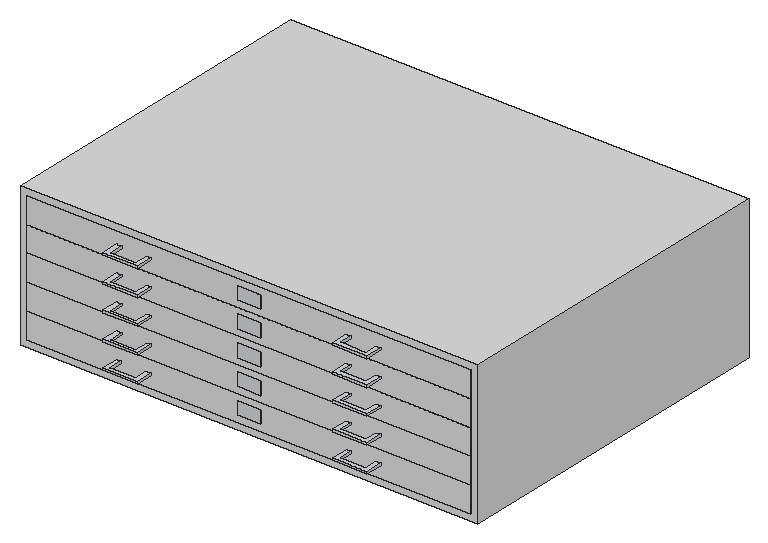
Revit family
Parameters (values of type "1350 x 1000mm")
  Keynote = "N"
  Assembly Code = "E2020200"
  Depth = 1000 mm
  Description = ""
  Material = Metal - Steel
  Width = 1350 mm
Reference planes
  plane 1 "Center F/B": y = -934.318
  plane 2: z = 0
  plane 3 "Center L/R": x = -180.023
  plane 4: x = -855.023
  plane 5: x = 494.977
  plane 6: y = -1434.318
  plane 7: y = -434.318
  plane 8: x = 475.927
  plane 9: x = -835.973
  plane 10: y = -453.368
  plane 11: z = 19.05
  plane 12: z = 419.1
  plane 13: z = 400.05
  plane 14: x = -518.954
  plane 15: x = 158.909
Forms (mm)
  Extrusion 1, solid, material "Metal - Steel" <- "Material"
    sketch origin (0, 0, 0) x (1, 0, 0) y (0, 1, 0)
      loop
        line (-855.023, -434.318) -> (-855.023, -1434.318) -> (494.977, -1434.318) -> (494.977, -434.318) -> (-855.023, -434.318)
    from 0 to 419.1
  Extrusion 2, solid, material "Metal - Steel" <- "Material"
    sketch origin (-855.023, -1434.318, 419.1) x (0, 0, -1) y (1, 0, 0)
      loop
        line (247.65, 19.05) -> (247.65, 1330.95) -> (171.45, 1330.95) -> (171.45, 19.05) -> (247.65, 19.05)
    from 0 to -19.05
  Extrusion 3, solid, material "Metal - Steel" <- "Material"
    sketch origin (-855.023, -1434.318, 419.1) x (0, 0, -1) y (1, 0, 0)
      loop
        line (171.45, 19.05) -> (171.45, 1330.95) -> (95.25, 1330.95) -> (95.25, 19.05) -> (171.45, 19.05)
    from 0 to -19.05
  Extrusion 4, solid, material "Metal - Steel" <- "Material"
    sketch origin (-855.023, -1434.318, 419.1) x (0, 0, -1) y (1, 0, 0)
      loop
        line (95.25, 19.05) -> (95.25, 1330.95) -> (19.05, 1330.95) -> (19.05, 19.05) -> (95.25, 19.05)
    from 0 to -19.05
  Extrusion 5, solid, material "Metal - Steel" <- "Material"
    sketch origin (-855.023, -1434.318, 419.1) x (0, 0, -1) y (1, 0, 0)
      loop
        line (247.65, 19.05) -> (323.85, 19.05) -> (323.85, 1330.95) -> (247.65, 1330.95) -> (247.65, 19.05)
    from 0 to -19.05
  Extrusion 6, solid, material "Metal - Steel" <- "Material"
    sketch origin (-855.023, -1434.318, 419.1) x (0, 0, -1) y (1, 0, 0)
      loop
        line (323.85, 19.05) -> (400.05, 19.05) -> (400.05, 1330.95) -> (323.85, 1330.95) -> (323.85, 19.05)
    from 0 to -19.05
  Extrusion 7, solid
    sketch origin (-1020.123, -1434.318, 419.1) x (0, 0, -1) y (1, 0, 0)
      loop
        line (358.775, 450.369) -> (365.125, 450.369) -> (365.125, 551.969) -> (358.775, 551.969) -> (358.775, 450.369)
      loop
        line (288.925, 450.369) -> (288.925, 551.969) -> (282.575, 551.969) -> (282.575, 450.369) -> (288.925, 450.369)
      loop
        line (212.725, 450.369) -> (212.725, 551.969) -> (206.375, 551.969) -> (206.375, 450.369) -> (212.725, 450.369)
      loop
        line (136.525, 450.369) -> (136.525, 551.969) -> (130.175, 551.969) -> (130.175, 450.369) -> (136.525, 450.369)
      loop
        line (60.325, 450.369) -> (60.325, 551.969) -> (53.975, 551.969) -> (53.975, 450.369) -> (60.325, 450.369)
    from 0 to 50.8
  Extrusion 8, void
    sketch origin (-855.023, -1434.318, 419.1) x (0, 0, 1) y (1, 0, 0)
      loop
        line (-365.125, 297.969) -> (-358.775, 297.969) -> (-358.775, 374.169) -> (-365.125, 374.169) -> (-365.125, 297.969)
    from 0 to -41.275
  Extrusion 9, void
    sketch origin (-855.023, -1434.318, 419.1) x (0, 0, 1) y (1, 0, 0)
      loop
        line (-288.925, 299.123) -> (-282.575, 299.123) -> (-282.575, 375.323) -> (-288.925, 375.323) -> (-288.925, 299.123)
      loop
        line (-212.725, 299.123) -> (-206.375, 299.123) -> (-206.375, 375.323) -> (-212.725, 375.323) -> (-212.725, 299.123)
      loop
        line (-136.525, 299.123) -> (-130.175, 299.123) -> (-130.175, 375.323) -> (-136.525, 375.323) -> (-136.525, 299.123)
      loop
        line (-60.325, 299.123) -> (-53.975, 299.123) -> (-53.975, 375.323) -> (-60.325, 375.323) -> (-60.325, 299.123)
    from 0 to -41.275
  Extrusion 10, solid
    sketch origin (-855.023, -1434.318, 419.1) x (0, 0, -1) y (1, 0, 0)
      loop
        line (358.775, 963.131) -> (365.125, 963.131) -> (365.125, 1064.731) -> (358.775, 1064.731) -> (358.775, 963.131)
      loop
        line (288.925, 963.131) -> (288.925, 1064.731) -> (282.575, 1064.731) -> (282.575, 963.131) -> (288.925, 963.131)
      loop
        line (212.725, 963.131) -> (212.725, 1064.731) -> (206.375, 1064.731) -> (206.375, 963.131) -> (212.725, 963.131)
      loop
        line (136.525, 963.131) -> (136.525, 1064.731) -> (130.175, 1064.731) -> (130.175, 963.131) -> (136.525, 963.131)
      loop
        line (60.325, 963.131) -> (60.325, 1064.731) -> (53.975, 1064.731) -> (53.975, 963.131) -> (60.325, 963.131)
    from 0 to 50.8
  Extrusion 11, void
    sketch origin (-855.023, -1434.318, 419.1) x (0, 0, 1) y (1, 0, 0)
      loop
        line (-365.125, 975.831) -> (-358.775, 975.831) -> (-358.775, 1052.031) -> (-365.125, 1052.031) -> (-365.125, 975.831)
      loop
        line (-288.925, 975.831) -> (-282.575, 975.831) -> (-282.575, 1052.031) -> (-288.925, 1052.031) -> (-288.925, 975.831)
      loop
        line (-212.725, 975.831) -> (-206.375, 975.831) -> (-206.375, 1052.031) -> (-212.725, 1052.031) -> (-212.725, 975.831)
      loop
        line (-136.525, 975.831) -> (-130.175, 975.831) -> (-130.175, 1052.031) -> (-136.525, 1052.031) -> (-136.525, 975.831)
      loop
        line (-60.325, 975.831) -> (-53.975, 975.831) -> (-53.975, 1052.031) -> (-60.325, 1052.031) -> (-60.325, 975.831)
    from 0 to -38.1
  Extrusion 12, solid
    sketch origin (-855.023, -1434.318, 419.1) x (0, 0, -1) y (1, 0, 0)
      loop
        line (38.1, 640.869) -> (76.2, 640.869) -> (76.2, 709.131) -> (38.1, 709.131) -> (38.1, 640.869)
      loop
        line (114.09, 640.869) -> (152.751, 640.869) -> (152.751, 709.131) -> (114.09, 709.131) -> (114.09, 640.869)
      loop
        line (190.5, 640.869) -> (228.6, 640.869) -> (228.6, 709.131) -> (190.5, 709.131) -> (190.5, 640.869)
      loop
        line (266.7, 640.869) -> (304.903, 640.869) -> (304.903, 709.131) -> (266.7, 709.131) -> (266.7, 640.869)
      loop
        line (342.9, 640.869) -> (380.979, 640.869) -> (380.979, 709.131) -> (342.9, 709.131) -> (342.9, 640.869)
    from 0 to -12.7
Cuts and joins
  Extrusion 8, Extrusion 9, Extrusion 11 cuts Extrusion 1
  Extrusion 8, Extrusion 9, Extrusion 11 cuts Extrusion 2
  Extrusion 8, Extrusion 9, Extrusion 11 cuts Extrusion 3
  Extrusion 8, Extrusion 9, Extrusion 11 cuts Extrusion 4
  Extrusion 8, Extrusion 9, Extrusion 11 cuts Extrusion 5
  Extrusion 8, Extrusion 9, Extrusion 11 cuts Extrusion 6
  Extrusion 8, Extrusion 9, Extrusion 11 cuts Extrusion 7
  Extrusion 11 cuts Extrusion 10
Lines and regions (mm)
  Masking region 1
    outline origin (0, 0, 0) x (1, 0, 0) y (0, 1, 0)
      loop
        line (-855.023, -434.318) -> (-855.023, -1434.318) -> (494.977, -1434.318) -> (494.977, -434.318) -> (-855.023, -434.318)
  Masking region 2, detail levels fine
    outline origin (0, 0, 0) x (1, 0, 0) y (0, 1, 0)
      loop
        line (-569.754, -1434.318) -> (-569.754, -1485.118) -> (-468.154, -1485.118) -> (-468.154, -1434.318) -> (-479.7, -1434.318) -> (-479.7, -1475.593) -> (-555.9, -1475.593) -> (-555.9, -1434.318) -> (-569.754, -1434.318)
      loop
        line (108.109, -1434.318) -> (108.109, -1485.118) -> (209.709, -1485.118) -> (209.709, -1434.318) -> (197.009, -1434.318) -> (197.009, -1472.418) -> (120.809, -1472.418) -> (120.809, -1434.318) -> (108.109, -1434.318)
  symbolic lines
    curve 1: line (-855.023, -434.318, 0) -> (-855.023, -1434.318, 0)
    curve 2: line (-855.023, -1434.318, 0) -> (494.977, -1434.318, 0)
    curve 3: line (494.977, -1434.318, 0) -> (494.977, -434.318, 0)
    curve 4: line (494.977, -434.318, 0) -> (-855.023, -434.318, 0)
    curve 5: line (-569.754, -1485.118, 0) -> (-468.154, -1485.118, 0)
    curve 6: line (-569.754, -1434.318, 0) -> (-569.754, -1485.118, 0)
    curve 7: line (-468.154, -1485.118, 0) -> (-468.154, -1434.318, 0)
    curve 8: line (108.109, -1434.318, 0) -> (108.109, -1485.118, 0)
    curve 9: line (108.109, -1485.118, 0) -> (209.709, -1485.118, 0)
    curve 10: line (209.709, -1485.118, 0) -> (209.709, -1434.318, 0)
  symbolic lines, detail levels fine
    curve 11: line (120.809, -1434.318, 0) -> (120.809, -1472.418, 0)
    curve 12: line (120.809, -1472.418, 0) -> (197.009, -1472.418, 0)
    curve 13: line (197.009, -1472.418, 0) -> (197.009, -1434.318, 0)
    curve 14: line (-555.9, -1434.318, 0) -> (-555.9, -1475.593, 0)
    curve 15: line (-479.7, -1475.593, 0) -> (-479.7, -1434.318, 0)
    curve 16: line (-555.9, -1475.593, 0) -> (-479.7, -1475.593, 0)
Dimensions and locks
  equal spacing: plane 4, plane 3 "Center L/R", plane 5
  equal spacing: plane 6, plane 1 "Center F/B", plane 7
  "Depth": plane 6 to plane 7
  "Width": plane 4 to plane 5
  locked: plane 10 to plane 7 at 19.05
  plane 4 to plane 9 = 19.05 mm
  plane 8 to plane 5 = 19.05 mm
  equal spacing: plane 9, plane 3 "Center L/R", plane 8
  locked: plane 14 to Extrusion 7 sketch curve at 50.8
  aligned and locked: plane 12 to Extrusion 1
  aligned and locked: Extrusion 1 to plane 2
  aligned and locked: curve 1 to cut or joined group of Extrusion 1, Extrusion 8, Extrusion 9, Extrusion 11
  aligned and locked: curve 2 to cut or joined group of Extrusion 1, Extrusion 8, Extrusion 9, Extrusion 11
  aligned and locked: curve 3 to cut or joined group of Extrusion 1, Extrusion 8, Extrusion 9, Extrusion 11
  aligned and locked: curve 4 to cut or joined group of Extrusion 1, Extrusion 8, Extrusion 9, Extrusion 11
  aligned and locked: curve 5 to cut or joined group of Extrusion 7, Extrusion 8, Extrusion 9, Extrusion 11
  aligned and locked: curve 6 to cut or joined group of Extrusion 7, Extrusion 8, Extrusion 9, Extrusion 11
  aligned and locked: curve 7 to cut or joined group of Extrusion 7, Extrusion 8, Extrusion 9, Extrusion 11
  aligned and locked: curve 8 to cut or joined group of Extrusion 10, Extrusion 11
  aligned and locked: curve 9 to cut or joined group of Extrusion 10, Extrusion 11
  aligned and locked: curve 10 to cut or joined group of Extrusion 10, Extrusion 11
  aligned and locked: curve 11 to cut or joined group of Extrusion 10, Extrusion 11
  aligned and locked: curve 12 to cut or joined group of Extrusion 10, Extrusion 11
  aligned and locked: curve 13 to cut or joined group of Extrusion 10, Extrusion 11
  aligned and locked: curve 14 to cut or joined group of Extrusion 7, Extrusion 8, Extrusion 9, Extrusion 11
  aligned and locked: curve 15 to cut or joined group of Extrusion 7, Extrusion 8, Extrusion 9, Extrusion 11
  aligned and locked: curve 16 to cut or joined group of Extrusion 7, Extrusion 8, Extrusion 9, Extrusion 11
  aligned and locked: Masking region 2 sketch curve to cut or joined group of Extrusion 7, Extrusion 8, Extrusion 9, Extrusion 11  (x6)
  aligned and locked: cut or joined group of Extrusion 1, Extrusion 8, Extrusion 9, Extrusion 11 to Masking region 2 sketch curve  (x2)
  aligned and locked: Masking region 2 sketch curve to cut or joined group of Extrusion 10, Extrusion 11  (x6)
Automatic sketch dimensions
  Extrusion 2 sketch curve to plane 9 = 0 mm
  Extrusion 2 sketch curve to plane 8 = 0 mm
  Extrusion 3 sketch curve to plane 9 = 0 mm
  Extrusion 3 sketch curve to plane 8 = 0 mm
  Extrusion 4 sketch curve to plane 9 = 0 mm
  Extrusion 4 sketch curve to plane 8 = 0 mm
  Extrusion 5 sketch curve to plane 9 = 0 mm
  Extrusion 5 sketch curve to plane 8 = 0 mm
  Extrusion 7 sketch curve to plane 12 = 53.975 mm
  Extrusion 7 sketch curve to Extrusion 7 sketch curve = 6.35 mm  (x5)
  Extrusion 7 sketch curve to Extrusion 7 sketch curve = 69.85 mm  (x3)
  level to Extrusion 7 sketch curve = 60.325 mm
  Extrusion 7 sketch curve to plane 14 = 50.8 mm  (x4)
  plane 14 to Extrusion 7 sketch curve = 50.8 mm  (x5)
  Extrusion 6 sketch curve to plane 8 = 0 mm
  Extrusion 6 sketch curve to plane 9 = 0 mm
  Extrusion 6 sketch curve to plane 11 = 0 mm
  plane 11 to Extrusion 6 sketch curve = 76.2 mm
  curve 1 to plane 4 = 0 mm
  curve 2 to plane 5 = 0 mm
  curve 1 to plane 6 = 0 mm
  curve 1 to plane 7 = 0 mm
  curve 5 to plane 14 = 50.8 mm
  plane 14 to curve 5 = 50.8 mm
  curve 6 to curve 6 = 50.8 mm
  curve 8 to plane 15 = 50.8 mm
  curve 8 to curve 8 = 50.8 mm
  plane 15 to curve 9 = 50.8 mm
  curve 8 to curve 11 = 12.7 mm  (x2)
  curve 12 to curve 9 = 12.7 mm
  curve 5 to curve 14 = 13.854 mm
  curve 5 to curve 14 = 9.525 mm
  curve 15 to curve 5 = 11.546 mm
  Masking region 1 sketch curve to plane 4 = 0 mm
  Masking region 1 sketch curve to plane 5 = 0 mm
  Masking region 1 sketch curve to plane 6 = 0 mm
  Masking region 1 sketch curve to plane 7 = 0 mm
  Masking region 2 sketch curve to plane 6 = 0 mm  (x2)
